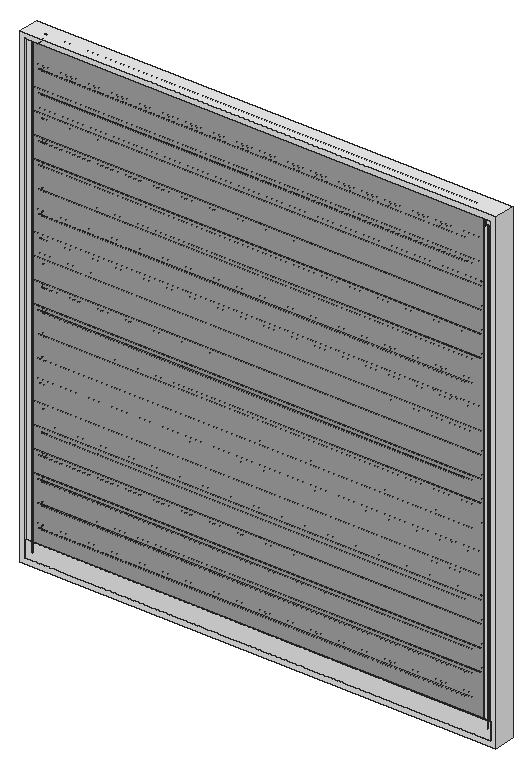
Revit family
Parameters (values of type "Louver_Drnable_EFD-245_All-Lite")
  URL = "http://www.alllite-louvers.com"
  Specifications = "http://www.alllite-louvers.com/catalog/AEFD-245-csi-specification.doc"
  Spacing = 0.188 ft
  SmartBIM Object Version = 3  # constant formula
  SmartBIM Object Created By = "Reed Construction Data"  # constant formula
  Shim Thickness = 0.042 ft
  Screen Width = Width - (2 * Shim Thickness) - 2 * 0.0625 ft  # 3.791 ft
  Screen Height = Height - (2 * Shim Thickness) - 0.145833 ft  # 3.770167 ft
  Screen = Aluminum
  Rough Width = 0.0 ft
  Rough Height = 0.0 ft
  Product URL = "http://www.alllite-louvers.com/catalog.php?model=EFD-245"
  Pressure Loss (in.wg.) = "0.14"  # constant formula
  OmniClass Title = "Exterior Louvers and Grilles"  # constant formula
  OmniClass Code = "23-60 11 17"  # constant formula
  Model Number = "EFD-245"  # constant formula
  Model = ""
  Minimum Size = "4.5\" x 5.5\""
  Maximum Size - Single Section = "60\" x 120\" or 120\" x 60\""
  Maximum Size - Multiple Section = "Unlimited"
  Manufacturer = "All-Lite"  # constant formula
  Louver Width = Width - (2 * Shim Thickness) - 2 * 0.072917 ft  # 3.770167 ft
  Louver = Mill finish, 6063-T5 Extruded Aluminum
  Installation = "http://www.alllite-louvers.com/catalog/Installation.pdf"
  Height = 4.0 ft
  Free Area for 48”x48” Louver = "42.5%"
  Free Area Velocity (fpm) = "955"  # constant formula
  Free Area (ft²) for 48"x48" Louver = 6.8 ft
  Frame = Mill finish, 6063-T5 Extruded Aluminum
  Default Sill Height = 3.0 ft
  Wall Closure = (empty or 0)
  Width = 4.0 ft
  Cut Sheet = "http://www.alllite-louvers.com/catalog/AEFD245.pdf"
  Assembly Code = "B2010300"
  Air Volume Delivered (cfm) = "6,494"  # constant formula
  95 CSI = "10200 "  # constant formula
  04 CSI = "08 91 00"  # constant formula
  # of Louvers = (Height - 0.25 ft) / (Spacing)  # 20
Reference planes (ft)
  plane 1 "Center (Front/Back)": y = 0
  plane 2: z = 0.291667
  plane 3 "Center (Left/Right)": x = 0
  plane 4 "Left": x = -2
  plane 5 "Right": x = 2
  plane 6 "Sill": z = 3.291667
  plane 7 "Top": z = 7.291667
  plane 8: x = -1.958
  plane 9: x = 1.958
  plane 10: z = 7.249667
  plane 11: z = 3.333667
  plane 12: z = 5.291667
  plane 13: z = 3.417
  plane 14: z = 3.458667
  plane 15: z = 7.166333
  plane 16: z = 7.124667
  plane 17: z = 7.062167
Forms (ft)
  Sweep 1, solid, material "Mill finish, 6063-T5 Extruded Aluminum" <- "Frame"
    path origin (-5, 0.333333, 0) x (-1, 0, 0) y (0, 0, 1)
      loop
        line (-6.905917, 7.249667) -> (-3.094083, 7.249667)
    profile "Head Horizontal Mullion : Head Horizontal Mullion" origin (0, 0.333333, 7.249667) x (0, 0, 1) y (0, 1, 0)
      loop
        arc (-0.0075, -0.044751) -> (-0.005, -0.042251) -> (-0.0075, -0.039751) r 0.0025
        line (-0.0075, -0.039751) -> (-0.020833, -0.039751) -> (-0.020833, -0.044751) -> (-0.0075, -0.044751)
      loop
        line (0, -0.161668) -> (0, -0.110668) -> (-0.020833, -0.110668) -> (-0.020833, -0.092972)
        arc (-0.020833, -0.092972) -> (-0.011333, -0.081168) -> (-0.020833, -0.069364) r 0.012083
        line (-0.020833, -0.069364) -> (-0.020833, -0.049751) -> (0, -0.049751) -> (0, -0.005001) -> (-0.0625, -0.005001) -> (-0.081917, -0.024418) -> (-0.078381, -0.027953) -> (-0.060429, -0.010001) -> (-0.005, -0.010001) -> (-0.005, -0.032251)
        arc (-0.005, -0.032251) -> (-0.005732, -0.034019) -> (-0.0075, -0.034751) r 0.0025
        line (-0.0075, -0.034751) -> (-0.025833, -0.034751) -> (-0.025833, -0.039751) -> (-0.1225, -0.039751) -> (-0.1225, -0.010001) -> (-0.072667, -0.010001)
        arc (-0.072667, -0.010001) -> (-0.070167, -0.007501) -> (-0.072667, -0.005001) r 0.0025
        line (-0.072667, -0.005001) -> (-0.1275, -0.005001) -> (-0.1275, -0.044751) -> (-0.056833, -0.044751) -> (-0.056833, -0.069346)
        arc (-0.056833, -0.069346) -> (-0.065915, -0.077723) -> (-0.062888, -0.089701) r 0.012083
        arc (-0.062888, -0.089701) -> (-0.059356, -0.089697) -> (-0.059353, -0.086166) r 0.0025
        arc (-0.059353, -0.086166) -> (-0.054339, -0.074084) -> (-0.049307, -0.086158) r 0.007083
        arc (-0.049307, -0.086158) -> (-0.04931, -0.089697) -> (-0.045771, -0.089694) r 0.0025
        arc (-0.045771, -0.089694) -> (-0.042753, -0.077717) -> (-0.051833, -0.069346) r 0.012083
        line (-0.051833, -0.069346) -> (-0.051833, -0.044751) -> (-0.025833, -0.044751) -> (-0.025833, -0.069328)
        arc (-0.025833, -0.069328) -> (-0.029128, -0.070519) -> (-0.031943, -0.072605) r 0.012083
        arc (-0.031943, -0.072605) -> (-0.03195, -0.076141) -> (-0.028415, -0.076148) r 0.0025
        arc (-0.028415, -0.076148) -> (-0.016333, -0.081168) -> (-0.028415, -0.086187) r 0.007083
        arc (-0.028415, -0.086187) -> (-0.03195, -0.086194) -> (-0.031943, -0.08973) r 0.0025
        arc (-0.031943, -0.08973) -> (-0.029128, -0.091816) -> (-0.025833, -0.093007) r 0.012083
        line (-0.025833, -0.093007) -> (-0.025833, -0.103268)
        arc (-0.025833, -0.103268) -> (-0.027422, -0.105596) -> (-0.030169, -0.104965) r 0.0025
        arc (-0.030169, -0.104965) -> (-0.038792, -0.101087) -> (-0.047568, -0.104605) r 0.012083
        arc (-0.047568, -0.104605) -> (-0.047575, -0.108141) -> (-0.04404, -0.108148) r 0.0025
        arc (-0.04404, -0.108148) -> (-0.031958, -0.113168) -> (-0.04404, -0.118187) r 0.007083
        arc (-0.04404, -0.118187) -> (-0.047575, -0.118194) -> (-0.047568, -0.12173) r 0.0025
        arc (-0.047568, -0.12173) -> (-0.035592, -0.124748) -> (-0.02722, -0.115668) r 0.012083
        line (-0.02722, -0.115668) -> (-0.005, -0.115668) -> (-0.005, -0.156668) -> (-0.0625, -0.156668) -> (-0.0625, -0.161668) -> (0, -0.161668)
  Sweep 2, solid, material "Mill finish, 6063-T5 Extruded Aluminum" <- "Frame"
    path origin (-5, 0.333333, 0) x (-1, 0, 0) y (0, 0, 1)
      loop
        line (-6.958, 3.333667) -> (-3.042, 3.333667)
    profile "Horizontal Mullion : Horizontal Mullion" origin (0, 0.333333, 3.333667) x (0, 0, 1) y (0, 1, 0)
      loop
        line (0.0575, -0.005) -> (0.0575, -0.166667) -> (0.00675, -0.166667) -> (0.00675, -0.16125) -> (0, -0.16125) -> (0, -0.171667) -> (0.145833, -0.171667) -> (0.145833, -0.166667) -> (0.0625, -0.166667) -> (0.0625, 0) -> (0, 0) -> (0, -0.041667) -> (0.005, -0.041667) -> (0.005, -0.005) -> (0.0575, -0.005)
  Sweep 3, solid, material "Mill finish, 6063-T5 Extruded Aluminum" <- "Frame"
    path origin (-5, 0.333333, 0) x (-1, 0, 0) y (0, 0, 1)
      loop
        line (-6.958, 3.396167) -> (-6.958, 7.249667)
    profile "Vertical Mullion : Vertical Mullion" origin (1.958, 0.333333, 5.322917) x (1, 0, 0) y (0, 1, 0)
      loop
        line (-0.0625, -0.005) -> (-0.03125, -0.005) -> (-0.03125, -0.03975) -> (-0.052083, -0.03975) -> (-0.052083, -0.161667) -> (-0.0625, -0.161667) -> (-0.0625, -0.166667) -> (0, -0.166667) -> (0, -0.145833) -> (-0.005, -0.145833) -> (-0.005, -0.161667) -> (-0.047083, -0.161667) -> (-0.047083, -0.152289)
        arc (-0.047083, -0.152289) -> (-0.039053, -0.154546) -> (-0.031474, -0.151062) r 0.012083
        arc (-0.031474, -0.151062) -> (-0.031466, -0.147527) -> (-0.035002, -0.147519) r 0.0025
        arc (-0.035002, -0.147519) -> (-0.047083, -0.1425) -> (-0.035002, -0.137481) r 0.007083
        arc (-0.035002, -0.137481) -> (-0.031466, -0.137473) -> (-0.031474, -0.133938) r 0.0025
        arc (-0.031474, -0.133938) -> (-0.039053, -0.130454) -> (-0.047083, -0.132711) r 0.012083
        line (-0.047083, -0.132711) -> (-0.047083, -0.065678)
        arc (-0.047083, -0.065678) -> (-0.046047, -0.063651) -> (-0.043798, -0.063304) r 0.0025
        arc (-0.043798, -0.063304) -> (-0.037224, -0.063594) -> (-0.031474, -0.060396) r 0.012083
        arc (-0.031474, -0.060396) -> (-0.031466, -0.05686) -> (-0.035002, -0.056853) r 0.0025
        arc (-0.035002, -0.056853) -> (-0.047083, -0.051833) -> (-0.035002, -0.046814) r 0.007083
        arc (-0.035002, -0.046814) -> (-0.032145, -0.047291) -> (-0.030755, -0.04475) r 0.0025
        line (-0.030755, -0.04475) -> (-0.02625, -0.04475) -> (-0.02625, -0.005) -> (-0.005, -0.005) -> (-0.005, -0.03125) -> (0, -0.03125) -> (0, 0) -> (-0.0625, 0) -> (-0.0625, -0.005)
  Sweep 4, solid, material "Mill finish, 6063-T5 Extruded Aluminum" <- "Frame"
    path origin (5, 0.333333, 0) x (1, 0, 0) y (0, 0, -1)
      loop
        line (-6.958, -3.396167) -> (-6.958, -7.249667)
    profile "Vertical Mullion : Vertical Mullion" origin (-1.958, 0.333333, 5.322917) x (1, 0, 0) y (0, 1, 0)
      loop
        line (0.0625, -0.005) -> (0.0625, 0) -> (0, 0) -> (0, -0.03125) -> (0.005, -0.03125) -> (0.005, -0.005) -> (0.02625, -0.005) -> (0.02625, -0.04475) -> (0.030755, -0.04475)
        arc (0.030755, -0.04475) -> (0.032145, -0.047291) -> (0.035002, -0.046814) r 0.0025
        arc (0.035002, -0.046814) -> (0.047083, -0.051833) -> (0.035002, -0.056853) r 0.007083
        arc (0.035002, -0.056853) -> (0.031466, -0.05686) -> (0.031474, -0.060396) r 0.0025
        arc (0.031474, -0.060396) -> (0.037224, -0.063594) -> (0.043798, -0.063304) r 0.012083
        arc (0.043798, -0.063304) -> (0.046047, -0.063651) -> (0.047083, -0.065678) r 0.0025
        line (0.047083, -0.065678) -> (0.047083, -0.132711)
        arc (0.047083, -0.132711) -> (0.039053, -0.130454) -> (0.031474, -0.133938) r 0.012083
        arc (0.031474, -0.133938) -> (0.031466, -0.137473) -> (0.035002, -0.137481) r 0.0025
        arc (0.035002, -0.137481) -> (0.047083, -0.1425) -> (0.035002, -0.147519) r 0.007083
        arc (0.035002, -0.147519) -> (0.031466, -0.147527) -> (0.031474, -0.151062) r 0.0025
        arc (0.031474, -0.151062) -> (0.039053, -0.154546) -> (0.047083, -0.152289) r 0.012083
        line (0.047083, -0.152289) -> (0.047083, -0.161667) -> (0.005, -0.161667) -> (0.005, -0.145833) -> (0, -0.145833) -> (0, -0.166667) -> (0.0625, -0.166667) -> (0.0625, -0.161667) -> (0.052083, -0.161667) -> (0.052083, -0.03975) -> (0.03125, -0.03975) -> (0.03125, -0.005) -> (0.0625, -0.005)
  Sweep 5, solid, material "Mill finish, 6063-T5 Extruded Aluminum" <- "Frame"
    path origin (-5, 0.333333, 0) x (-1, 0, 0) y (0, 0, 1)
      loop
        line (-3, 7.291667) -> (-7, 7.291667) -> (-7, 3.291667) -> (-3, 3.291667) -> (-3, 7.291667)
    profile origin (-2, 0.333333, 5.291667) x (0, 1, 0) y (-1, 0, 0)
      loop
        line (0, 0) -> (-0.171667, 0) -> (-0.171667, -0.042) -> (0, -0.042) -> (0, 0)
  Extrusion 6, solid, material "Aluminum" <- "Screen"
    sketch origin (1.905917, 0.171666, 7.249667) x (-1, 0, 0) y (0, 0, -1)
      loop
        line (3.801417, 0) -> (3.801417, 3.770167) -> (0.010417, 3.770167) -> (0.010417, 0) -> (3.801417, 0)
    from -0.000001 to 0.004999
Cuts and joins
  joined: Sweep 3, Sweep 4
Lines and regions (ft)
  Opening 1
    outline origin (-5, -0.333333, 0) x (1, 0, 0) y (0, 0, 1)
      loop
        line (3, 7.291667) -> (3, 3.291667) -> (7, 3.291667) -> (7, 7.291667) -> (3, 7.291667)
  Masking region 1, detail levels fine
    outline origin (0, 0, 0) x (1, 0, 0) y (0, 1, 0)
      loop
        line (-1.92675, 0.293583) -> (-1.92675, 0.328333) -> (-1.8955, 0.328333) -> (-1.8955, 0.333333) -> (-1.958, 0.333333) -> (-1.958, 0.302083) -> (-1.953, 0.302083) -> (-1.953, 0.328333) -> (-1.93175, 0.328333) -> (-1.93175, 0.288583) -> (-1.927245, 0.288583)
        arc (-1.927245, 0.288583) -> (-1.925855, 0.286042) -> (-1.922998, 0.286519) r 0.0025
        arc (-1.922998, 0.286519) -> (-1.910917, 0.2815) -> (-1.922998, 0.276481) r 0.007083
        arc (-1.922998, 0.276481) -> (-1.926534, 0.276473) -> (-1.926526, 0.272938) r 0.0025
        arc (-1.926526, 0.272938) -> (-1.920776, 0.26974) -> (-1.914202, 0.270029) r 0.012083
        arc (-1.914202, 0.270029) -> (-1.911953, 0.269682) -> (-1.910917, 0.267656) r 0.0025
        line (-1.910917, 0.267656) -> (-1.910917, 0.200623)
        arc (-1.910917, 0.200623) -> (-1.918947, 0.20288) -> (-1.926526, 0.199396) r 0.012083
        arc (-1.926526, 0.199396) -> (-1.926534, 0.19586) -> (-1.922998, 0.195853) r 0.0025
        arc (-1.922998, 0.195853) -> (-1.910917, 0.190833) -> (-1.922998, 0.185814) r 0.007083
        arc (-1.922998, 0.185814) -> (-1.926534, 0.185807) -> (-1.926526, 0.182271) r 0.0025
        arc (-1.926526, 0.182271) -> (-1.918947, 0.178787) -> (-1.910917, 0.181044) r 0.012083
        line (-1.910917, 0.181044) -> (-1.910917, 0.171667) -> (-1.953, 0.171667) -> (-1.953, 0.1875) -> (-1.958, 0.1875) -> (-1.958, 0.166667) -> (-1.8955, 0.166667) -> (-1.8955, 0.171667) -> (-1.905917, 0.171667) -> (-1.905917, 0.293583) -> (-1.92675, 0.293583)
  Masking region 2, detail levels coarse+medium
    outline origin (0, 0, 0) x (1, 0, 0) y (0, 1, 0)
      loop
        line (-2, 0.161667) -> (-1.8955, 0.161667) -> (-1.8955, 0.333333) -> (-2, 0.333333) -> (-2, 0.161667)
  Masking region 3, detail levels fine
    outline origin (0, 0, 0) x (1, 0, 0) y (0, 1, 0)
      loop
        line (1.905917, 0.293583) -> (1.905917, 0.171667) -> (1.8955, 0.171667) -> (1.8955, 0.166667) -> (1.958, 0.166667) -> (1.958, 0.1875) -> (1.953, 0.1875) -> (1.953, 0.171667) -> (1.910917, 0.171667) -> (1.910917, 0.181044)
        arc (1.910917, 0.181044) -> (1.918947, 0.178787) -> (1.926526, 0.182271) r 0.012083
        arc (1.926526, 0.182271) -> (1.926534, 0.185807) -> (1.922998, 0.185814) r 0.0025
        arc (1.922998, 0.185814) -> (1.910917, 0.190833) -> (1.922998, 0.195853) r 0.007083
        arc (1.922998, 0.195853) -> (1.926534, 0.19586) -> (1.926526, 0.199396) r 0.0025
        arc (1.926526, 0.199396) -> (1.918947, 0.20288) -> (1.910917, 0.200623) r 0.012083
        line (1.910917, 0.200623) -> (1.910917, 0.267656)
        arc (1.910917, 0.267656) -> (1.911953, 0.269682) -> (1.914202, 0.270029) r 0.0025
        arc (1.914202, 0.270029) -> (1.920776, 0.26974) -> (1.926526, 0.272938) r 0.012083
        arc (1.926526, 0.272938) -> (1.926534, 0.276473) -> (1.922998, 0.276481) r 0.0025
        arc (1.922998, 0.276481) -> (1.910917, 0.2815) -> (1.922998, 0.286519) r 0.007083
        arc (1.922998, 0.286519) -> (1.925855, 0.286042) -> (1.927245, 0.288583) r 0.0025
        line (1.927245, 0.288583) -> (1.93175, 0.288583) -> (1.93175, 0.328333) -> (1.953, 0.328333) -> (1.953, 0.302083) -> (1.958, 0.302083) -> (1.958, 0.333333) -> (1.8955, 0.333333) -> (1.8955, 0.328333) -> (1.92675, 0.328333) -> (1.92675, 0.293583) -> (1.905917, 0.293583)
  Masking region 4, detail levels coarse+medium
    outline origin (0, 0, 0) x (1, 0, 0) y (0, 1, 0)
      loop
        line (1.8955, 0.333333) -> (1.8955, 0.161667) -> (2, 0.161667) -> (2, 0.333333) -> (1.8955, 0.333333)
Text (ft)
  text "EXTERIOR" at (-4.890733, 4.242245, 0), in view "Ref. Level"
  text "INTERIOR" at (-4.890733, -3.147199, 0), in view "Ref. Level"
  text "Exterior" at (0, 3.638026, 10.266337), in view "Left"
  text "Exterior" at (0, 1.524487, 10.420622), in view "Right"
Dimensions and locks (ft)
  equal spacing: plane 4 "Left", plane 3 "Center (Left/Right)", plane 5 "Right"
  "Width": plane 4 "Left" to plane 5 "Right"
  "Height": plane 6 "Sill" to plane 7 "Top"
  "Default Sill Height": plane 2 to plane 6 "Sill"
  "Shim Thickness": plane 4 "Left" to plane 8
  "Shim Thickness": plane 9 to plane 5 "Right"
  "Shim Thickness": plane 10 to plane 7 "Top"
  "Shim Thickness": plane 6 "Sill" to plane 11
  equal spacing: plane 11, plane 12, plane 10
  locked: plane 13 to plane 11 at 0.083333
  locked: plane 14 to plane 13 at 0.041667
  locked: plane 10 to plane 15 at 0.083333
  locked: plane 15 to plane 16 at 0.041667
  locked: plane 10 to plane 17 at 0.1875
  equal spacing: group 1, group 3, group 4, group 5, group 6, group 7, group 8, group 9, group 10, group 11, group 12, group 13, group 14, group 15, group 16, group 17, group 18, group 19, group 20, group 2  (x3)
  aligned and locked: plane 7 "Top" to Opening 1 sketch curve
  aligned and locked: plane 6 "Sill" to Opening 1 sketch curve  (x2)
  aligned and locked: plane 5 "Right" to Opening 1 sketch curve
  aligned and locked: plane 4 "Left" to Opening 1 sketch curve
  aligned and locked: plane 10 to Sweep 1 sketch curve
  aligned and locked: Sweep 2 sketch curve to plane 11
  aligned and locked: plane 9 to Sweep 2 sketch curve
  aligned and locked: plane 8 to Sweep 2 sketch curve
  aligned and locked: plane 9 to Sweep 3 sketch curve
  aligned and locked: Sweep 4 sketch curve to plane 8
  aligned and locked: Sweep 5 sketch curve to plane 4 "Left"
  aligned and locked: Sweep 5 sketch curve to plane 7 "Top"
  aligned and locked: Sweep 5 sketch curve to plane 6 "Sill"
  aligned and locked: Sweep 5 sketch curve to plane 5 "Right"
  aligned and locked: Sweep 5 sketch curve to host wall  (x2)
  aligned and locked: plane 8 to Sweep 5 sketch curve
  aligned and locked: plane 3 "Center (Left/Right)" to nested 1
  aligned and locked: plane 10 to Sweep 4 sketch curve
  aligned and locked: profile plane to host wall
  aligned and locked: Extrusion 6 sketch curve to plane 10
  aligned and locked: Sweep 1 sketch curve to cut or joined group of Sweep 3, Sweep 4
  aligned and locked: cut or joined group of Sweep 3, Sweep 4 to Sweep 1 sketch curve
  aligned and locked: Sweep 2 to Sweep 3 sketch curve
  aligned and locked: Sweep 4 sketch curve to Sweep 2
  aligned and locked: Sweep 5 sketch curve to Sweep 2
  aligned and locked: plane 14 to nested 1
  aligned and locked: cut or joined group of Sweep 3, Sweep 4 to nested 1
  aligned and locked: nested 2 to plane 16
  aligned and locked: cut or joined group of Sweep 3, Sweep 4 to nested 2
  aligned and locked: plane 3 "Center (Left/Right)" to nested 2
  aligned and locked: cut or joined group of Sweep 3, Sweep 4 to Extrusion 6 sketch curve
  aligned and locked: Extrusion 6 sketch curve to cut or joined group of Sweep 3, Sweep 4
  aligned and locked: Sweep 2 to Extrusion 6 sketch curve
  aligned and locked: Extrusion 6 to cut or joined group of Sweep 3, Sweep 4
  aligned and locked: cut or joined group of Sweep 3, Sweep 4 to Extrusion 6
  aligned and locked: Masking region 1 sketch curve to cut or joined group of Sweep 3, Sweep 4  (x25)
  aligned and locked: Sweep 5 to Masking region 1 sketch curve  (x2)
  aligned and locked: Sweep 2 to Masking region 1 sketch curve  (x2)
  aligned and locked: Masking region 1 sketch curve to Extrusion 6
  aligned and locked: Masking region 2 sketch curve to plane 4 "Left"
  aligned and locked: Masking region 2 sketch curve to host wall
  aligned and locked: Masking region 2 sketch curve to Extrusion 6
  aligned and locked: Masking region 2 sketch curve to Sweep 2
  aligned and locked: Masking region 3 sketch curve to cut or joined group of Sweep 3, Sweep 4  (x24)
  aligned and locked: Sweep 2 to Masking region 3 sketch curve  (x2)
  aligned and locked: Masking region 3 sketch curve to Sweep 2  (x2)
  aligned and locked: plane 9 to Masking region 3 sketch curve  (x2)
  aligned and locked: Masking region 3 sketch curve to Extrusion 6
  aligned and locked: Masking region 4 sketch curve to Masking region 3
  aligned and locked: Masking region 4 sketch curve to Sweep 2
  aligned and locked: Masking region 4 sketch curve to plane 5 "Right"
  aligned and locked: Sweep 5 to Masking region 4 sketch curve
Automatic sketch dimensions
  Sweep 3 sketch curve to plane 10 = 0.0 ft
Nested families (ft)
  nested 1: "Louver Single" at (0, 0.335938, 3.458667), type "Louver"
    with Louver Length 3.770167 ft
  nested 2: "Louver Single" at (0, 0.335938, 6.913464), type "Louver"
    with Louver Length 3.770167 ft
  nested 3: "Louver Single" at (0, 0.335938, 3.640498), type "Louver"
    with Louver Length 3.770167 ft
  nested 4: "Louver Single" at (0, 0.335938, 3.82233), type "Louver"
    with Louver Length 3.770167 ft
  nested 5: "Louver Single" at (0, 0.335938, 4.004161), type "Louver"
    with Louver Length 3.770167 ft
  nested 6: "Louver Single" at (0, 0.335938, 4.185992), type "Louver"
    with Louver Length 3.770167 ft
  nested 7: "Louver Single" at (0, 0.335938, 4.367824), type "Louver"
    with Louver Length 3.770167 ft
  nested 8: "Louver Single" at (0, 0.335938, 4.549655), type "Louver"
    with Louver Length 3.770167 ft
  nested 9: "Louver Single" at (0, 0.335938, 4.731487), type "Louver"
    with Louver Length 3.770167 ft
  nested 10: "Louver Single" at (0, 0.335938, 4.913318), type "Louver"
    with Louver Length 3.770167 ft
  nested 11: "Louver Single" at (0, 0.335938, 5.09515), type "Louver"
    with Louver Length 3.770167 ft
  nested 12: "Louver Single" at (0, 0.335938, 5.276981), type "Louver"
    with Louver Length 3.770167 ft
  nested 13: "Louver Single" at (0, 0.335938, 5.458812), type "Louver"
    with Louver Length 3.770167 ft
  nested 14: "Louver Single" at (0, 0.335938, 5.640644), type "Louver"
    with Louver Length 3.770167 ft
  nested 15: "Louver Single" at (0, 0.335938, 5.822475), type "Louver"
    with Louver Length 3.770167 ft
  nested 16: "Louver Single" at (0, 0.335938, 6.004307), type "Louver"
    with Louver Length 3.770167 ft
  nested 17: "Louver Single" at (0, 0.335938, 6.186138), type "Louver"
    with Louver Length 3.770167 ft
  nested 18: "Louver Single" at (0, 0.335938, 6.36797), type "Louver"
    with Louver Length 3.770167 ft
  nested 19: "Louver Single" at (0, 0.335938, 6.549801), type "Louver"
    with Louver Length 3.770167 ft
  nested 20: "Louver Single" at (0, 0.335938, 6.731633), type "Louver"
    with Louver Length 3.770167 ft
Connectors (ft)
  hvac at (0, 0.166667, 5.364583), driven by "Screen Width", driven by "Screen Height"
    settings: on Extrusion 6, index 1
Definition of nested family "Louver Single"
  Parameters (values of type "Louver")
    Louver Length = 2.770833 ft
    Depth = 0.156576 ft
    Louver Single = yes
    Louver = All-Lite - El Cajon Silver
    Assembly Code = ""
  Reference planes (ft)
    plane 1 "Center (Front/Back)": y = -0.085938
    plane 2: z = 0
    plane 3 "Center (Left/Right)": x = 0
    plane 4: x = -1.385417
    plane 5: x = 1.385417
    plane 6: y = -0.007604
    plane 7: y = -0.164271
    plane 8: z = 0.211203
  Forms (ft)
    Extrusion 1, solid, material "All-Lite - El Cajon Silver" <- "Louver"
      sketch origin (0, -0.015069, -0.061431) x (0, 1, 0) y (0, 0, 1)
        loop
          line (0.007465, 0.06605) -> (0.007465, 0.117884)
          arc (0.007465, 0.117884) -> (0.001282, 0.120996) -> (0.002465, 0.114175) r 0.003875
          line (0.002465, 0.114175) -> (0.002465, 0.069269)
          arc (0.002465, 0.069269) -> (0.001642, 0.068037) -> (0.000189, 0.068326) r 0.001333
          line (0.000189, 0.068326) -> (-0.027285, 0.0958) -> (-0.027285, 0.117705) -> (-0.144202, 0.234621) -> (-0.144202, 0.270134)
          arc (-0.144202, 0.270134) -> (-0.146702, 0.272634) -> (-0.149202, 0.270134) r 0.0025
          line (-0.149202, 0.270134) -> (-0.149202, 0.23255) -> (-0.105549, 0.188898)
          arc (-0.105549, 0.188898) -> (-0.104848, 0.186738) -> (-0.106183, 0.184902) r 0.0025
          arc (-0.106183, 0.184902) -> (-0.111003, 0.180449) -> (-0.112785, 0.174134) r 0.012083
          arc (-0.112785, 0.174134) -> (-0.110285, 0.171634) -> (-0.107785, 0.174134) r 0.0025
          arc (-0.107785, 0.174134) -> (-0.095697, 0.179146) -> (-0.10069, 0.16705) r 0.007083
          arc (-0.10069, 0.16705) -> (-0.103196, 0.164553) -> (-0.100695, 0.16205) r 0.0025
          arc (-0.100695, 0.16205) -> (-0.094383, 0.163834) -> (-0.089933, 0.168652) r 0.012083
          arc (-0.089933, 0.168652) -> (-0.088097, 0.169987) -> (-0.085938, 0.169286) r 0.0025
          line (-0.085938, 0.169286) -> (-0.073549, 0.156898)
          arc (-0.073549, 0.156898) -> (-0.072848, 0.154738) -> (-0.074183, 0.152902) r 0.0025
          arc (-0.074183, 0.152902) -> (-0.079003, 0.148449) -> (-0.080785, 0.142134) r 0.012083
          arc (-0.080785, 0.142134) -> (-0.078285, 0.139634) -> (-0.075785, 0.142134) r 0.0025
          arc (-0.075785, 0.142134) -> (-0.063697, 0.147146) -> (-0.06869, 0.13505) r 0.007083
          arc (-0.06869, 0.13505) -> (-0.071196, 0.132553) -> (-0.068695, 0.13005) r 0.0025
          arc (-0.068695, 0.13005) -> (-0.062383, 0.131834) -> (-0.057933, 0.136652) r 0.012083
          arc (-0.057933, 0.136652) -> (-0.056097, 0.137987) -> (-0.053938, 0.137286) r 0.0025
          line (-0.053938, 0.137286) -> (-0.032285, 0.115634) -> (-0.032285, 0.093729) -> (-0.001071, 0.062515)
          arc (-0.001071, 0.062515) -> (0.004378, 0.061431) -> (0.007465, 0.06605) r 0.005
      from -1.385417 to 1.385417
  Dimensions and locks (ft)
    equal spacing: plane 4, plane 3 "Center (Left/Right)", plane 5
    "Louver Length": plane 4 to plane 5
    locked: plane 6 to plane 7 at 0.156667
    locked: level to plane 8 at 0.211203
    aligned and locked: Extrusion 1 to plane 4
    aligned and locked: plane 5 to Extrusion 1
  Automatic sketch dimensions
    level to Extrusion 1 sketch curve = 0.004619 ft
    Extrusion 1 sketch curve to Extrusion 1 sketch curve = 0.051833 ft
    Extrusion 1 sketch curve to Extrusion 1 sketch curve = 0.003219 ft
    Extrusion 1 sketch curve to Extrusion 1 sketch curve = 0.003708 ft
    Extrusion 1 sketch curve to Extrusion 1 sketch curve = 0.003875 ft
    Extrusion 1 sketch curve to Extrusion 1 sketch curve = 0.000943 ft  (x2)
    Extrusion 1 sketch curve to Extrusion 1 sketch curve = 0.018375 ft
    Extrusion 1 sketch curve to Extrusion 1 sketch curve = 0.005 ft
    Extrusion 1 sketch curve to Extrusion 1 sketch curve = 0.001259 ft
    Extrusion 1 sketch curve to Extrusion 1 sketch curve = 0.002071 ft  (x3)
    Extrusion 1 sketch curve to Extrusion 1 sketch curve = 0.019833 ft
    Extrusion 1 sketch curve to Extrusion 1 sketch curve = 0.002276 ft
    Extrusion 1 sketch curve to Extrusion 1 sketch curve = 0.021652 ft  (x2)
    Extrusion 1 sketch curve to Extrusion 1 sketch curve = 0.035512 ft
    Extrusion 1 sketch curve to Extrusion 1 sketch curve = 0.0025 ft  (x6)
    Extrusion 1 sketch curve to Extrusion 1 sketch curve = 0.045723 ft
    Extrusion 1 sketch curve to Extrusion 1 sketch curve = 0.000634 ft  (x2)
    Extrusion 1 sketch curve to Extrusion 1 sketch curve = 0.0 ft  (x17)
    Extrusion 1 sketch curve to Extrusion 1 sketch curve = 0.000011 ft  (x2)
    Extrusion 1 sketch curve to Extrusion 1 sketch curve = 0.000006 ft  (x2)
    Extrusion 1 sketch curve to Extrusion 1 sketch curve = 0.000001 ft
    Extrusion 1 sketch curve to Extrusion 1 sketch curve = 0.001134 ft  (x3)
    Extrusion 1 sketch curve to Extrusion 1 sketch curve = 0.002228 ft  (x2)
    plane 1 "Center (Front/Back)" to Extrusion 1 sketch curve = 0.019065 ft
    plane 1 "Center (Front/Back)" to Extrusion 1 sketch curve = 0.016837 ft
    plane 1 "Center (Front/Back)" to Extrusion 1 sketch curve = 0.015069 ft
    Extrusion 1 sketch curve to Extrusion 1 sketch curve = 0.012388 ft
    plane 1 "Center (Front/Back)" to Extrusion 1 sketch curve = 0.009917 ft
    Extrusion 1 sketch curve to Extrusion 1 sketch curve = 0.000005 ft
    Extrusion 1 sketch curve to Extrusion 1 sketch curve = 0.003996 ft
    Extrusion 1 sketch curve to Extrusion 1 sketch curve = 0.001768 ft  (x2)
    plane 1 "Center (Front/Back)" to Extrusion 1 sketch curve = 0.073333 ft
    Extrusion 1 sketch curve to Extrusion 1 sketch curve = 0.026214 ft
